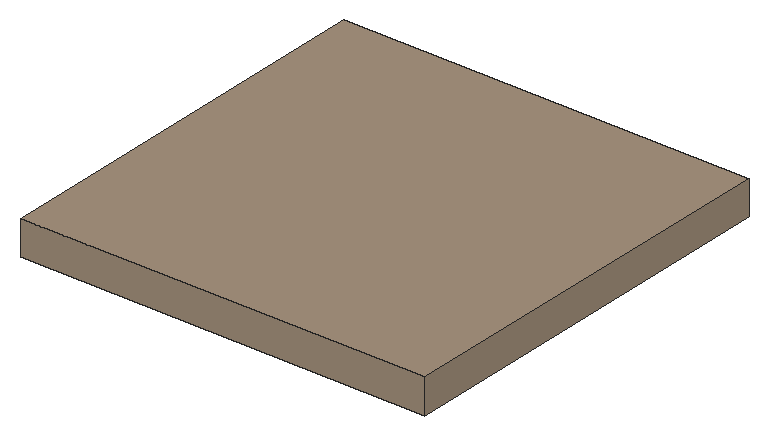
Revit family "Hearthstone_NativeCustomStone", category Generic Models, Revit 2013
Parameters
  Warranty Duration (Years) = 50
  Unit Width = 1' - 11 1/2"
  URL = "http://www.nativecustomstone.com/"
  Test Data = "http://www.nativecustomstone.com/specs/testing-and-ics-esr-report"
  Specification = "http://www.nativecustomstone.com/specs/3-part-spec"
  Send Message = "http://www.arcat.com/users.pl?action=UserEmail&company=Native+Custom+Stone&coid=48056&rep=152&fax=706-216-5550&mf="
  Sales Information = "http://www.nativecustomstone.com/contact"
  Revision = "R1_10-2012"
  Product Properties = "http://www.nativecustomstone.com/specs/spec-data-sheet"
  Product Data = "http://www.arcat.com/arcatcos/cos48/arc48056.html"
  Model = "As Specified in 04 73 00"
  Material = Native-Custom-Stone_Accessory-Material_Brown-Color
  Manufacturer Website = "www.nativecstone.com"
  Manufacturer Phone - Toll Free = "888-823-0745"
  Manufacturer Phone = "706-216-5545"
  Manufacturer Fax = "706-216-5550"
  Manufacturer Email = "http://www.arcat.com/users.pl?action=UserEmail&company=Native+Custom+Stone&coid=48056&rep=152&fax=706-216-5550&mf="
  Manufacturer Address = "236 Hightower Pkwy. Dawsonville, GA 30534"
  Manufacturer = "Native Custom Stone"
  Maintenance Schedule (Months) = 12
  Keynote = "04 73 00"
  Installation-Fabrication = "http://www.nativecustomstone.com/specs/stone-installation-and-accessory-details"
  Installation Phase = "Masonry Finishes"
  Green Building-LEED = "http://www.nativecustomstone.com/specs/native-custom-stone-for-leeds-projects"
  Drawn By = "Sumex Design, Inc."
  Description = "Hearthstone as Specified in 04 73 00"
  Default Elevation = 0' - 0"
  Copyright = "©Arcat Inc."
  Construction Details = "http://www.nativecustomstone.com/specs/stone-installation-and-accessory-details"
  Company_ID = 48056
  Assembly Code = "B2010100"
Reference planes (in)
  plane 1 "Center (Front/Back)": y = 0
  plane 2: z = 0
  plane 3 "Center (Left/Right)": x = 0
  plane 4: x = -11.75
  plane 5: x = 11.75
  plane 6: y = 11.75
  plane 7: y = -11.75
  plane 8: z = 2
Forms (in)
  Extrusion 1, solid, material "Native-Custom-Stone_Accessory-Material_Brown-Color" <- "Material"
    sketch origin (0, 0, 0) x (1, 0, 0) y (0, 1, 0)
      loop
        line (-11.75, 11.75) -> (-11.75, -11.75) -> (11.75, -11.75) -> (11.75, 11.75) -> (-11.75, 11.75)
    from 0 to 2
Dimensions and locks (in)
  equal spacing: plane 4, plane 3 "Center (Left/Right)", plane 5
  equal spacing: plane 7, plane 1 "Center (Front/Back)", plane 6
  "Unit Width": plane 7 to plane 6
  "Unit Width": plane 4 to plane 5
  locked: plane 8 to level at 2
  aligned and locked: Extrusion 1 sketch curve to plane 4
  aligned and locked: Extrusion 1 sketch curve to plane 6
  aligned and locked: Extrusion 1 sketch curve to plane 5
  aligned and locked: Extrusion 1 sketch curve to plane 7
  aligned and locked: plane 8 to Extrusion 1
